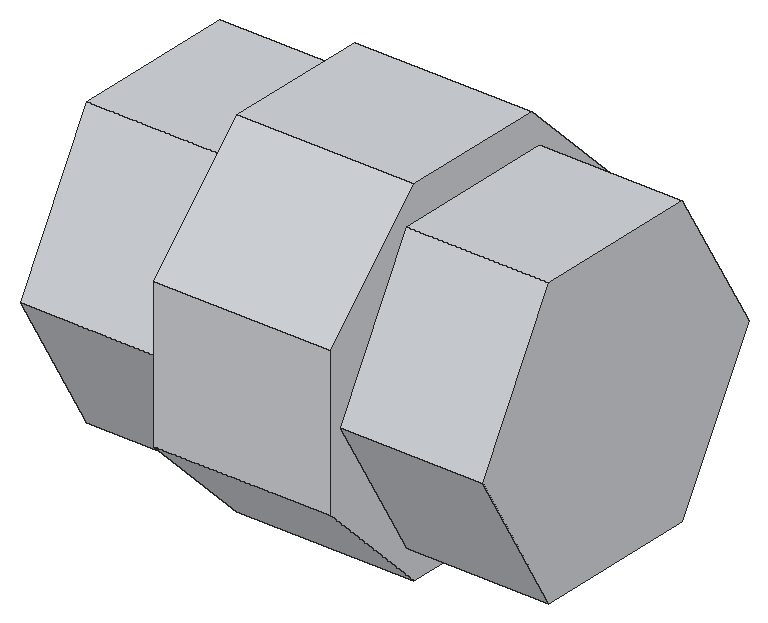
Revit family "União - Rosqueada - CU", category Conexões de tubo, Revit 2019
Family settings
  Cota do conector redondo = Usar raio
  Tipo de parte = União
  Com base no plano de trabalho = Não
  Sempre na vertical = Sim
  Corte com vazios quando carregada = Não
  Compartilhado = Não
Parameters (values of type "Padrão")
  Tamanho da marca de revisão [instance] = Diâmetro externo da conexão * 0.4  # 8 mm
  Raio 5 [instance] = Raio 4 * 1.34  # 18.76 mm
  Raio 4 [instance] = Raio externo da conexão * 1.4  # 14 mm
  Raio 3 [instance] = Raio 2 * 1.2  # 16.2 mm
  Raio 2 [instance] = Raio externo da conexão * 1.35  # 13.5 mm
  Nome da tabela de pesquisa = "BR_Union - Threaded - CU"
  Comprimento 6 [instance] = (Comprimento - Comprimento 3) / 2  # 13.95 mm
  Comprimento 5 [instance] = Raio 5 * (1 - sin(67.50°))  # 1.428 mm
  Comprimento 4 [instance] = Raio 5 * cos(67.50°)  # 7.179 mm
  Comprimento 3 [instance] = size_lookup(Nome da tabela de pesquisa, "Lgt2", 0.27 * Diâmetro nominal + 13 mm, Diâmetro nominal)  # 17.2 mm
  Comprimento 2 [instance] = Raio 3 * (1 - sin(60.00°))  # 2.17 mm
  Comprimento 1 [instance] = Raio 3 * cos(60.00°)  # 8.1 mm
  Comprimento [instance] = size_lookup(Nome da tabela de pesquisa, "Lgt", 1.19 * Diâmetro nominal + 22.2 mm, Diâmetro nominal)  # 45.1 mm
  Raio nominal [instance] = 10 mm
  Diâmetro nominal [instance] = Raio nominal * 2  # 20 mm
  Método de perda = Coeficiente K da tabela
  Tabela de coeficiente K = "Redutor/Acoplamento/União/Redutor"
  Raio externo da conexão [instance] = Diâmetro externo da conexão / 2  # 10 mm
  Diâmetro externo da conexão [instance] = Diâmetro nominal  # 20 mm
Reference planes
  plane 1 "Centro (frente/trás)": y = 0
  plane 2: z = 0
  plane 3 "Centro (direita/esquerda)": x = 0
  plane 4: x = 22.55
  plane 5: x = -8.6
  plane 6: y = 16.2
  plane 7: y = -16.2
  plane 8: z = 16.2
  plane 9: z = -16.2
  plane 10: z = 14.03
  plane 11: y = 8.1
  plane 12: y = -8.1
  plane 13: z = -14.03
  plane 14: x = 8.6
  plane 15: z = 18.76
  plane 16: y = -18.76
  plane 17: z = -18.76
  plane 18: y = 18.76
  plane 19: y = -7.179
  plane 20: y = -17.332
  plane 21: y = 7.179
  plane 22: y = 17.332
  plane 23: z = 17.332
  plane 24: z = 7.179
  plane 25: z = -17.332
  plane 26: z = -7.179
  plane 27: z = 14.03
  plane 28: y = 8.1
  plane 29: y = -8.1
  plane 30: z = -14.03
  plane 31: x = -22.55
  plane 32: x = 0
Forms (mm)
  Extrusion 1, solid, detail levels fine
    sketch origin (-22.55, 35, 1219.2) x (0, 1, 0) y (0, 0, 1)
      loop
        line (-26.9, -1205.17) -> (-43.1, -1205.17) -> (-51.2, -1219.2) -> (-43.1, -1233.23) -> (-26.9, -1233.23) -> (-18.8, -1219.2) -> (-26.9, -1205.17)
    from 31.15 to 45.1
  Extrusion 2, solid, detail levels fine
    sketch origin (-22.55, 35, 1219.2) x (0, 1, 0) y (0, 0, 1)
      loop
        line (-52.332, -1212.021) -> (-52.332, -1226.379) -> (-42.179, -1236.532) -> (-27.821, -1236.532) -> (-17.668, -1226.379) -> (-17.668, -1212.021) -> (-27.821, -1201.868) -> (-42.179, -1201.868) -> (-52.332, -1212.021)
    from 13.95 to 31.15
  Extrusion 3, solid, detail levels fine
    sketch origin (-22.55, 35, 1219.2) x (0, 1, 0) y (0, 0, 1)
      loop
        line (-26.9, -1205.17) -> (-43.1, -1205.17) -> (-51.2, -1219.2) -> (-43.1, -1233.23) -> (-26.9, -1233.23) -> (-18.8, -1219.2) -> (-26.9, -1205.17)
    from 0 to 13.95
Cuts and joins
  joined: Extrusion 1, Extrusion 2, Extrusion 3
Lines and regions (mm)
  model lines, detail levels coarse+medium
    curve 1: line (-22.55, 0, 0) -> (22.55, 0, 0)
    curve 2: line (-22.55, 0, 0) -> (-22.55, 8, 0)
    curve 3: line (-22.55, 0, 0) -> (-22.55, -8, 0)
    curve 4: line (22.55, 0, 0) -> (22.55, 8, 0)
    curve 5: line (22.55, 0, 0) -> (22.55, -8, 0)
Dimensions and locks
  "Comprimento": plane 31 to plane 4
  "Raio 3": plane 6 to plane 1 "Centro (frente/trás)"
  "Raio 3": plane 1 "Centro (frente/trás)" to plane 7
  "Raio 3": plane 8 to plane 2
  "Raio 3": plane 9 to plane 2
  "Comprimento 2": plane 8 to plane 10
  "Comprimento 1": plane 11 to plane 1 "Centro (frente/trás)"
  "Comprimento 1": plane 1 "Centro (frente/trás)" to plane 12
  "Comprimento 2": plane 9 to plane 13
  "Tamanho da marca de revisão": plane 1 "Centro (frente/trás)" to curve 2
  "Tamanho da marca de revisão": curve 3 to plane 1 "Centro (frente/trás)"
  "Tamanho da marca de revisão": plane 1 "Centro (frente/trás)" to curve 4
  "Tamanho da marca de revisão": curve 5 to plane 1 "Centro (frente/trás)"
  "Comprimento 3": plane 5 to plane 14
  "Raio 5": plane 15 to plane 2
  "Raio 5": plane 17 to plane 2
  "Raio 5": plane 16 to plane 1 "Centro (frente/trás)"
  "Raio 5": plane 1 "Centro (frente/trás)" to plane 18
  "Comprimento 4": plane 19 to plane 1 "Centro (frente/trás)"
  "Comprimento 5": plane 16 to plane 20
  "Comprimento 4": plane 1 "Centro (frente/trás)" to plane 21
  "Comprimento 5": plane 22 to plane 18
  "Comprimento 5": plane 15 to plane 23
  "Comprimento 5": plane 17 to plane 25
  "Comprimento 4": plane 24 to plane 2
  "Comprimento 4": plane 26 to plane 2
  "Comprimento 6": plane 14 to plane 4
  "Comprimento 2": plane 8 to plane 27
  "Comprimento 2": plane 9 to plane 30
  "Comprimento 1": plane 28 to plane 1 "Centro (frente/trás)"
  "Comprimento 1": plane 1 "Centro (frente/trás)" to plane 29
  equal spacing: plane 31, plane 32, plane 4
  equal spacing: plane 31, plane 3 "Centro (direita/esquerda)", plane 4
  aligned and locked: Extrusion 1 sketch curve to plane 10
  aligned and locked: plane 11 to Extrusion 1 sketch curve  (x2)
  aligned and locked: plane 12 to Extrusion 1 sketch curve  (x2)
  aligned and locked: Extrusion 1 sketch curve to plane 13
  aligned and locked: plane 13 to Extrusion 1 sketch curve
  aligned and locked: plane 6 to Extrusion 1 sketch curve
  aligned and locked: plane 2 to Extrusion 1 sketch curve  (x2)
  aligned and locked: plane 10 to Extrusion 1 sketch curve
  aligned and locked: plane 7 to Extrusion 1 sketch curve
  aligned and locked: plane 4 to Extrusion 1
  aligned and locked: plane 1 "Centro (frente/trás)" to curve 1
  aligned and locked: curve 5 to plane 4
  aligned and locked: Extrusion 2 to plane 5
  aligned and locked: Extrusion 2 to plane 14
  aligned and locked: Extrusion 3 sketch curve to plane 27
  aligned and locked: plane 28 to Extrusion 3 sketch curve  (x2)
  aligned and locked: plane 29 to Extrusion 3 sketch curve  (x2)
  aligned and locked: Extrusion 3 sketch curve to plane 30
  aligned and locked: plane 30 to Extrusion 3 sketch curve
  aligned and locked: plane 27 to Extrusion 3 sketch curve
  aligned and locked: plane 5 to Extrusion 3
  aligned and locked: plane 14 to Extrusion 1
  aligned and locked: Extrusion 3 to plane 31
  aligned and locked: curve 3 to plane 31
Automatic sketch dimensions
  Extrusion 3 sketch curve to level = 0 mm  (x2)
  Extrusion 3 sketch curve to plane 7 = 0 mm
  Extrusion 3 sketch curve to plane 6 = 0 mm
  Extrusion 2 sketch curve to plane 20 = 0 mm
  Extrusion 2 sketch curve to plane 19 = 0 mm  (x2)
  Extrusion 2 sketch curve to plane 21 = 0 mm  (x2)
  Extrusion 2 sketch curve to plane 22 = 0 mm
  plane 25 to Extrusion 2 sketch curve = 0 mm
  plane 26 to Extrusion 2 sketch curve = 0 mm  (x2)
  Extrusion 2 sketch curve to plane 24 = 0 mm  (x2)
  Extrusion 2 sketch curve to plane 23 = 0 mm
Connectors
  piping at (-22.55, 0, 0), diameter 20, driven by "Raio nominal"
    settings: on Extrusion 3, index 1, connector inside diameter 20 mm, connector length 0 mm, flow factor 0, pipe flow 0.0 L/s, pressure drop 0.0 Pa, fitting loss kfactor 0, connector angle 0.00°, fixture units 0, engagement length 0 mm, angle of deflection 0.00°, flow configuration 0, flow direction 0, fitting loss method 0, system type 28, joint type 0, gender type 0, connector reference index 2, connector utility 0, adjustable connector no, is connector primary yes, connector description ""
  piping at (22.55, 0, 0), diameter 20, driven by "Raio nominal"
    settings: on Extrusion 1, index 2, connector inside diameter 20 mm, connector length 0 mm, flow factor 0, pipe flow 0.0 L/s, pressure drop 0.0 Pa, fitting loss kfactor 0, connector angle 0.00°, fixture units 0, engagement length 0 mm, angle of deflection 0.00°, flow configuration 0, flow direction 0, fitting loss method 0, system type 28, joint type 0, gender type 0, connector reference index 1, connector utility 0, adjustable connector no, is connector primary no, connector description ""
